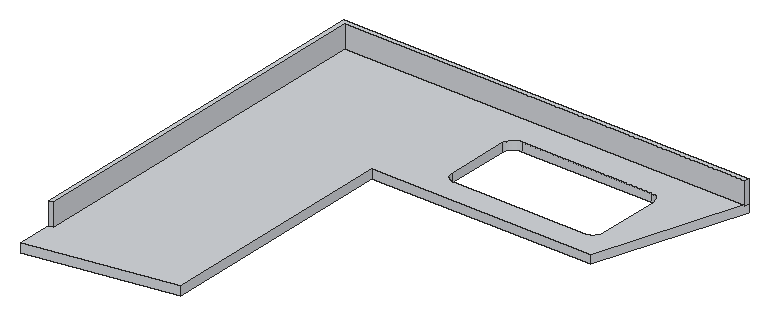
Revit family "Counter Top-L Shaped w Sink Hole & Angle", category Casework, Revit 2013
Parameters (values of type "24" Depth")
  Sink Hole Visibility [instance] = yes
  Assembly Code = "C1030400"
  Counter Thickness = 0' - 1 1/2"
  Counter Top Material = none
  Depth = 2' - 1"
  Height = 3' - 0"
  Length - Leg 1 [instance] = 6' - 0"
  Length - Leg 2 [instance] = 6' - 0"
  Sink Location [instance] = 2' - 10 1/2"
  Sink Location To Wall [instance] = 0' - 6"
  Sink Opening Depth [instance] = 1' - 3"
  Sink Opening Width [instance] = 2' - 3"
  Angled Side 2 [instance] = 18.00°
  Angled Side [instance] = 10.00°
Reference planes (in)
  plane 1 "Back": y = -2
  plane 2: z = 0
  plane 3 "Left": x = -47.2623
  plane 4 "Right": x = 24.7377
  plane 5 "Front": y = -27
  plane 6 "Top": z = 36
  plane 7 "Top Of Cabinet": z = 34.5
  plane 8: y = -2.75
  plane 9: z = 40
  plane 10: x = -22.2623
  plane 11: y = -74
  plane 12: x = -46.5123
  plane 13: x = -12.7623
  plane 14: x = 14.2377
  plane 15: y = -8
  plane 16: y = -23
  plane 17: through (-29.25823, -70.8254, 48) normal (0.1736, -0.9848, 0)
  plane 18: through (27.0295, 5.05342, 48) normal (0.9511, -0.309, 0)
Forms (in)
  Extrusion 1, solid, material <- "Counter Top Material"
    sketch origin (0, 0, 0) x (1, 0, 0) y (0, 1, 0)
      loop
        line (-47.2623, -2) -> (-47.2623, -74) -> (-22.2623, -69.59183) -> (-22.2623, -27) -> (16.61471, -27) -> (24.7377, -2) -> (-47.2623, -2)
      loop
        arc (-10.7623, -8) -> (-12.17651, -8.58579) -> (-12.7623, -10) r 2
        line (-12.7623, -10) -> (-12.7623, -21)
        arc (-12.7623, -21) -> (-12.17651, -22.41421) -> (-10.7623, -23) r 2
        line (-10.7623, -23) -> (12.2377, -23)
        arc (12.2377, -23) -> (13.65192, -22.41421) -> (14.2377, -21) r 2
        line (14.2377, -21) -> (14.2377, -10)
        arc (14.2377, -10) -> (13.65192, -8.58579) -> (12.2377, -8) r 2
        line (12.2377, -8) -> (-10.7623, -8)
    from 34.5 to 36
  Extrusion 2, solid, material <- "Counter Top Material"
    sketch origin (0, 0, 0) x (1, 0, 0) y (0, 1, 0)
      loop
        line (24.7377, -2) -> (-47.2623, -2) -> (-47.2623, -2.75) -> (24.7377, -2.75) -> (24.7377, -2)
    from 36 to 40
  Extrusion 3, solid, material <- "Counter Top Material"
    sketch origin (0, 0, 0) x (1, 0, 0) y (0, 1, 0)
      loop
        line (-47.2623, -2.75) -> (-47.2623, -67.5614) -> (-46.5123, -67.5614) -> (-46.5123, -2.75) -> (-47.2623, -2.75)
    from 36 to 40
Cuts and joins
  joined: Extrusion 1, Extrusion 2, Extrusion 3
Lines and regions (in)
  Masking region 1
    outline origin (0, 0, 34.5) x (0, -1, 0) y (1, 0, 0)
      loop
        line (2, -47.2623) -> (74, -47.2623) -> (69.59183, -22.2623) -> (27, -22.2623) -> (27, 16.61471) -> (2, 24.7377) -> (2, -47.2623)
  symbolic lines, style "Counter Top"
    curve 1: line (-46.5123, -2.75, 34.5) -> (24.7377, -2.75, 34.5)
    curve 2: line (-46.5123, -73.86775, 34.5) -> (-46.5123, -2.75, 34.5)
  symbolic lines, style "Sink Opening", visible <- "Sink Hole Visibility"
    curve 3: line (12.2377, -8, 34.5) -> (-10.7623, -8, 34.5)
    curve 4: line (-10.7623, -23, 34.5) -> (12.2377, -23, 34.5)
    curve 5: line (-12.7623, -10, 34.5) -> (-12.7623, -21, 34.5)
    curve 6: line (14.2377, -21, 34.5) -> (14.2377, -10, 34.5)
    curve 7: arc (12.2377, -8, 34.5) -> (13.65192, -8.58579, 34.5) -> (14.2377, -10, 34.5) r 2
    curve 8: arc (14.2377, -21, 34.5) -> (13.65192, -22.41421, 34.5) -> (12.2377, -23, 34.5) r 2
    curve 9: arc (-12.7623, -10, 34.5) -> (-12.17651, -8.58579, 34.5) -> (-10.7623, -8, 34.5) r 2
    curve 10: arc (-10.7623, -23, 34.5) -> (-12.17651, -22.41421, 34.5) -> (-12.7623, -21, 34.5) r 2
Dimensions and locks (in)
  "Depth": plane 5 "Front" to plane 1 "Back"
  "Length - Leg 1": plane 3 "Left" to plane 4 "Right"
  "Height": level to plane 6 "Top"
  "Counter Thickness": plane 7 "Top Of Cabinet" to plane 6 "Top"
  locked: plane 8 to plane 1 "Back" at 0.75
  plane 6 "Top" to plane 9 = 0' - 4"
  "Depth": plane 3 "Left" to plane 10
  "Length - Leg 2": plane 11 to plane 1 "Back"
  locked: plane 3 "Left" to plane 12 at 0.75
  "Sink Location": plane 3 "Left" to plane 13
  "Sink Opening Width": plane 13 to plane 14
  "Sink Location To Wall": plane 15 to plane 1 "Back"
  "Sink Opening Depth": plane 15 to plane 16
  "Angled Side": angle plane 11 to plane 17
  "Angled Side 2": angle plane 18 to plane 4 "Right"
  aligned and locked: plane 1 "Back" to Extrusion 1 sketch curve
  aligned and locked: Extrusion 1 sketch curve to plane 5 "Front"
  aligned and locked: Extrusion 1 sketch curve to plane 3 "Left"
  aligned and locked: plane 6 "Top" to Extrusion 1
  aligned and locked: Extrusion 1 to plane 7 "Top Of Cabinet"
  aligned and locked: Extrusion 2 sketch curve to plane 1 "Back"
  aligned and locked: plane 8 to Extrusion 2 sketch curve
  aligned and locked: Extrusion 2 sketch curve to plane 4 "Right"
  aligned and locked: plane 3 "Left" to Extrusion 2 sketch curve
  aligned and locked: Extrusion 2 to plane 9
  aligned and locked: Extrusion 2 to plane 6 "Top"
  aligned and locked: plane 10 to Extrusion 1 sketch curve
  aligned and locked: plane 12 to Extrusion 3 sketch curve
  aligned and locked: Extrusion 3 to plane 8
  aligned and locked: plane 3 "Left" to Extrusion 3
  aligned and locked: Extrusion 3 to plane 9
  aligned and locked: Extrusion 3 to plane 6 "Top"
  aligned and locked: Extrusion 1 sketch curve to plane 15
  aligned and locked: Extrusion 1 sketch curve to plane 14
  aligned and locked: Extrusion 1 sketch curve to plane 16
  aligned and locked: Extrusion 1 sketch curve to plane 13
  aligned and locked: plane 1 "Back" to Masking region 1 sketch curve
  aligned and locked: Masking region 1 sketch curve to plane 3 "Left"
  aligned and locked: Masking region 1 sketch curve to plane 10
  aligned and locked: plane 5 "Front" to Masking region 1 sketch curve
  aligned and locked: curve 5 to cut or joined group of Extrusion 1, Extrusion 2, Extrusion 3
  aligned and locked: curve 6 to cut or joined group of Extrusion 1, Extrusion 2, Extrusion 3
  aligned and locked: curve 7 to cut or joined group of Extrusion 1, Extrusion 2, Extrusion 3
  aligned and locked: curve 10 to cut or joined group of Extrusion 1, Extrusion 2, Extrusion 3
  aligned and locked: Masking region 1 sketch curve to plane 17
  aligned and locked: plane 17 to curve 2
  aligned and locked: Extrusion 1 sketch curve to plane 17
  aligned and locked: plane 11 to cut or joined group of Extrusion 1, Extrusion 2, Extrusion 3
  aligned and locked: Masking region 1 sketch curve to plane 18
  aligned and locked: Extrusion 1 sketch curve to plane 18
Automatic sketch dimensions
  plane 3 "Left" to Extrusion 3 sketch curve = 0' - 0"
  plane 11 to Extrusion 3 sketch curve = 0' - 6.4386"
  plane 1 "Back" to Extrusion 3 sketch curve = 0' - 0 3/4"
  plane 13 to Extrusion 1 sketch curve = 0' - 2"  (x2)
  Extrusion 1 sketch curve to Extrusion 1 sketch curve = 0' - 2"
  Extrusion 1 sketch curve to plane 14 = 0' - 2"
  plane 8 to curve 2 = 0' - 0"
  curve 2 to plane 3 "Left" = 0' - 0 3/4"
  curve 1 to plane 4 "Right" = 0' - 0"
  curve 9 to curve 5 = 0' - 2"
  curve 6 to curve 4 = 0' - 2"
